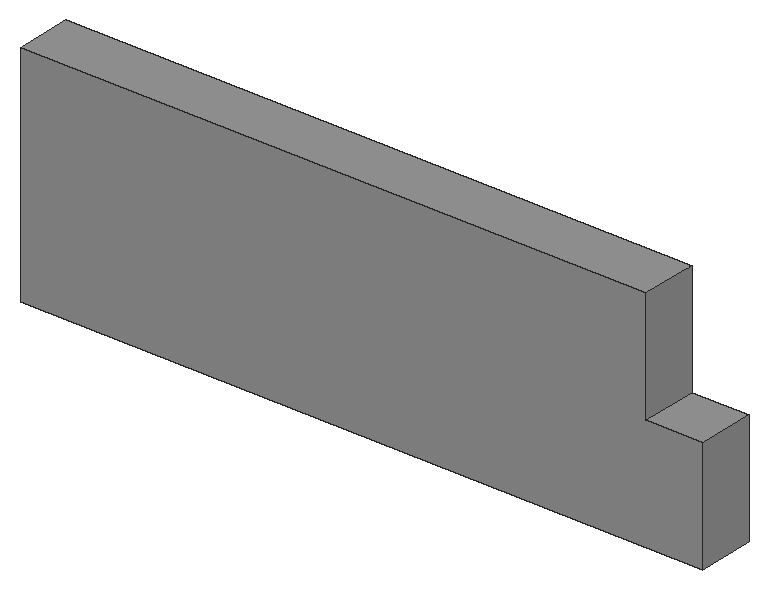
Revit family "5. LajaMulticolor_PRecta_ESP", category Generic Models, host Wall, Revit 2015
Parameters (values of type "Stonepanel® SKY Laja Multicolor")
  Ventajas de Stonepanel = "Eficaz: Instalación ágil y sencilla : 10 veces más rápido que la mampostería tradicional (Ritmo medio de colocación de 20 m2/día). Mayor rentabilidad gracias al menor desperdicio de material en obra y a la durabilidad de un producto natural frente a otros revestimientos. La colocación de los paneles no requiere mano de obra ni maquinaria especializada.\r\nSeguro: Un sistema de anclaje patentado, de acero inoxidable, que permite su instalación a más de 2 metros de altura. Base de cemento homogénea y rugosa que garantiza la adhesión y permite el corte sin desprendimiento.\r\nCalidad: Control permanente del proceso de producción desde la oficina I+D+I. Una cuidada selección de piedra natural realizada por los expertos de CUPASTONE. Disponibilidad de piezas especiales para adaptarse perfectamente a cada edificio: esquinas (macizas, rectas, dobles o para ventanas), cubremuros, y otros complementarios.\r\nEstética: Forma de “S” que evita la visión de las juntas para homogenizar el aspecto final. Gran variedad de paneles para elegir entre colores y acabados de piedra natural. La propia belleza y exclusividad de la piedra natural: Cada piedra es\r\núnica."
  Usos Indicados = "Revestimiento de Paredes exteriores e interiores en edificaciones nuevas o rehabilitaciones"
  Uniclass 2015 = "Pr_25_71_14_56 Natural stone panels"
  Uniclass 2 = "Pr_25_71_14_56 Natural stone panels"
  URL = "http://www.cupastone.es/producto/stonepanel-laja-multicolor/"
  Sistema de anclaje = "Cinta perforada en acero inoxidable:\r\n- Naturaleza del acero: AISI 316 (1.4401) o AISI 304 (1.4301)\r\n- Espesor mínimo (mm) : 0,7\r\n- Ancho (mm) : 12 a 15\r\n- Diámetro del hueco (mm) : 6 ± 1\r\n\r\nTacos:\r\nLa elección de los tacos y clavijas de fijación debe ser realizada teniendo en cuenta la acción en depresión del viento (muros exteriores) y de la resistencia de los tacos en el soporte, en función de la naturaleza del soporte."
  Resistencia al fuego = "-"
  Resistencia a la flexión = "-"
  Resistencia al hielo = "Sin alteraciones despues de 50 ciclos"
  Resistencia = "Buena resistencia"
  Peso = "8,8 kg"
  Oxidación = "No oxida"
  Otros datos de interés del producto = "Dispone de un anclaje para instalar a alturas superiores a 2 metros"
  Omniclass = "23-15 15 15 11"
  Número de serie = "SPZ-24TS"
  NBS Reference = "45-25-45/380 Natural stone panels"
  Model = "Stonepanel® SKY Laja Multicolor"
  Material = "Panel en forma de laja de pizarra marrón rojiza, salpicada de tonalidades más oscuras y claras, una composición original para ambientes contemporáneos."
  Limpieza = "En general, los paneles no requieren mantenimiento y son auto- limpiantes, pero la eliminación de algunos tipos de marcas pueden requerir un tratamiento especializado.\r\nEn caso de suciedad anormal, la superficie puede limpiarse con una mezcla / detergente doméstico y agua caliente , aplicada con una almohadilla de limpieza adecuado o una esponja."
  Largo = 600 mm
  Impacto = "-"
  Type Image = <None>
  Formato = "600x200"
  Forma de suministro = "Los paneles se presentan en parejas, en un embalaje plástico o en cajas de cartón de 3 o 4 piezas."
  Forma = "Forma de \"s\""
  Manufacturer = "Cupastone"
  Envejecimiento por cambio térmicos = "Sin alteraciones después de 20 ciclos."
  Ensayos realizados por SINTEF = "Ensayo a los materiales de piedra, Ensayos a los paneles, Durabilidad y absorción de agua"
  Ensayos realizados por DIBt = "Adherencia entre piedra y mortero, Adherencia entre piedra y mortero tras 50 ciclos de hielo-deshielo"
  Ensayos realizados por BBA = "Resistencia a daños por heladicidad, Resistencia a choque térmico, Adherencia entre piedra y mortero, Resistencia al arrancamiento del anclaje, Resistencia a impacto"
  Ensayos realizados por Avis Technique = "Resistencia mecánica del anclaje, Resistencia mecánica de la cinta de seguridad, Ensayo de durabilidad tras la acción del agua, Ensayo de durabilidad tras la acción del hielo, Ensayo sísmico"
  Durabilidad = "Según el certificado BBA, el sistema tiene una vida de diseño superior a 30 años."
  Detalles constructivos = "Detalles de:\r\n- Instalación con perfil metálico\r\n- Instalación de Stonepanel\r\n- Instalación en muro interior\r\n- Instalación del elemento de seguridad (cinta perforada + tacos)\r\n- Esquinas entrantes\r\n- Esquinas salientes\r\n- Esquinas salientes pre-fabricadas\r\n- Esquinas salientes mediante serrado del panel\r\n- Esquinas salientes sin continuidad de Stonepanel (caso de una fachada lateral)\r\n- Bordes superiores\r\n- Sobre parapeto\r\n- Marco de vano"
  Desfase de altura = 0 mm
  Description = "Pieza de piedra natural montada sobre una base de cemento y reforzada con una malla de fibra de vidrio .\r\nPosee sistema de anclaje patentado, de acero inoxidable, que permite su instalación a más de 2 metros de altura"
  Densidad aparente = "73,3 kg/m2"
  Color secundario = "Gris"
  Color principal = "Marrón"
  Certificaciones = "BBA - Reino Unido, Avis Technique - Francia, DIBt - Alemania, SINTEF - Noruega"
  Aspecto = "Contemporáneo"
  Ancho = 50 mm
  Alto = 200 mm
  Adherencia del mortero = ">1N/mm2"
  Acabado = "Natural"
  Absorción = "Baja absorción"
Types (2, lengths in mm): name | Durabilidad
  Stonepanel® SKY Laja Multicolor | "Según el certificado BBA, el sistema tiene una vida de diseño superior a 30 años."
  Stonepanel® SKY Laja Multicolor. 20 cm - 60 cm | "-"
Reference planes
  plane 1 "Muro": y = 0
  plane 2 "Centro (Izquierda/Derecha)": x = 125
  plane 3 "Posterior": y = 75
Forms (mm)
  Extrusion 1, solid, material "Stonepanel® SKY Laja Multicolor"
    sketch origin (0, 160, 1120) x (1, 0, 0) y (0, 0, 1)
      loop
        line (125, -1120) -> (125, -1020) -> (75, -1020) -> (75, -920) -> (-475, -920) -> (-475, -1120) -> (125, -1120)
    from 35 to 85
Text (mm)
  text "Cara de colocación" at (-1848.837, 1116.779, 0), in view "Nivel de referencia"
  text "Cara de colocación" at (0, 1409.804, 2854.306), in view "Izquierda"
  text "Cara de colocación" at (0, 499.811, 2980.732), in view "Derecha"
Dimensions and locks
  locked: plane 3 "Posterior" to host wall
  locked: Extrusion 1 to plane 3 "Posterior" at 0
  "Ancho": Extrusion 1 to Extrusion 1
  "Largo": Extrusion 1 to Extrusion 1
  locked: Extrusion 1 to Extrusion 1 at 100
  "Desfase de altura": level to Extrusion 1
  locked: Extrusion 1 to Extrusion 1 at 50
  "Alto": Extrusion 1 to Extrusion 1
  aligned and locked: plane 1 "Muro" to host wall
Automatic sketch dimensions
  Extrusion 1 sketch curve to level = 0 mm
  Extrusion 1 sketch curve to plane 2 "Centro (Izquierda/Derecha)" = 0 mm
  Extrusion 1 sketch curve to plane 2 "Centro (Izquierda/Derecha)" = 50 mm
  level to Extrusion 1 sketch curve = 200 mm
  Extrusion 1 sketch curve to Extrusion 1 sketch curve = 550 mm
  level to Extrusion 1 sketch curve = 100 mm
